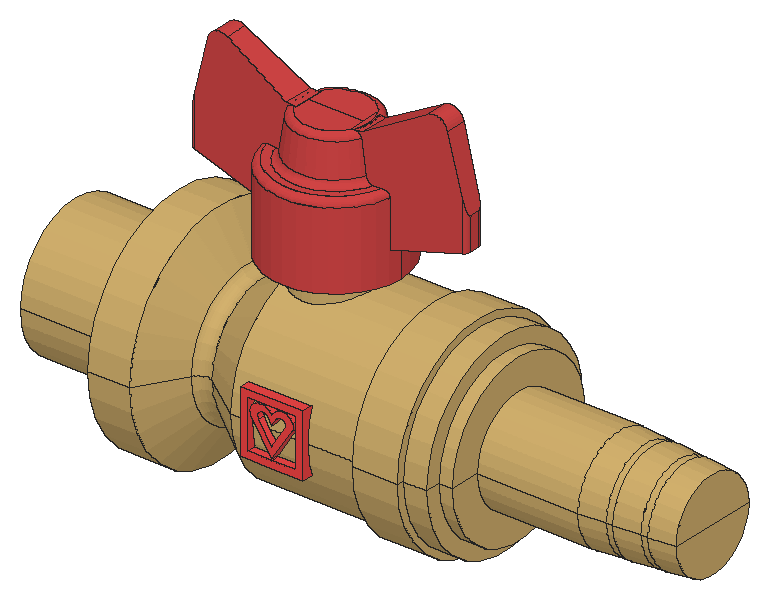
Revit family "KFE inkl. Schlauchtülle 2512", category Rohrzubehör, Revit 2021
Family settings
  Bemaßung runder Anschluss = Durchmesser verwenden
  Teiletyp = Normal
  OmniClass-Nummer = 23.65.55.14
  OmniClass-Titel = Valves for Liquid Services
  Arbeitsebenenbasiert = Nein
  Immer vertikal = Ja
  Beim Laden mit Abzugskörper schneiden = Nein
  Gemeinsam genutzt = Nein
Parameters
  min.Betriebstemperatur = -30 °C  # constant formula
  max.Betriebstemperatur = 110 °C  # constant formula
  max.Betriebsdruck = 1000000.0 Pa  # constant formula
  W1 = 60.00°  # constant formula
  Vorgabe-Ansicht = 0.000 mm
  URL = "www.herz-armaturen.at"
  Spindel = "Messing CW614N"  # constant formula
  SCTWSEQ = "ENT;AO;1"
  SCTWCODE = "01;10;01"  # constant formula
  SCRNSEQ = "ARM;ARM_TYP=\"ABSV\";1"
  SCRNCODE = "05;08;01"  # constant formula
  S04 = 6.500 mm  # constant formula
  S03 [instance] = (L06 / 2) + L07 + L08 + L09 + L100  # 36.750 mm
  S02 [instance] = L05 + (L06 / 2)  # 17.650 mm
  S01 [instance] = L00 - (L08 + L09 + L100)  # 62.000 mm
  R99 = 2.000 mm  # constant formula
  R01 [instance] = if(Nennweite = 15.000 mm, 5.500 mm, if(Nennweite = 20.000 mm, 6.000 mm, 1.000 mm))  # 6.000 mm
  Nennweite [instance] = 20.000 mm
  LO1 = 2.500 mm  # constant formula
  L12 = 3.800 mm  # constant formula
  L11 = 8.600 mm  # constant formula
  L100 = 14.600 mm  # constant formula
  L10 = 1.000 mm  # constant formula
  L09 = 13.400 mm  # constant formula
  L08 = 2.000 mm  # constant formula
  L07 = 3.500 mm  # constant formula
  L06 = 6.500 mm  # constant formula
  L05 [instance] = if(Nennweite = 15.000 mm, 11.000 mm, if(Nennweite = 20.000 mm, 14.400 mm, 1.000 mm))  # 14.400 mm
  L04 = 4.000 mm  # constant formula
  L03 [instance] = if(Nennweite = 15.000 mm, 4.000 mm, if(Nennweite = 20.000 mm, 6.000 mm, 1.000 mm))  # 6.000 mm
  L02 [instance] = if(Nennweite = 15.000 mm, 12.000 mm, if(Nennweite = 20.000 mm, 15.000 mm, 1.000 mm))  # 15.000 mm
  L01 [instance] = if(Nennweite = 15.000 mm, 32.000 mm, if(Nennweite = 20.000 mm, 37.600 mm, 1.000 mm))  # 37.600 mm
  L00 [instance] = if(Nennweite = 15.000 mm, 83.000 mm, if(Nennweite = 20.000 mm, 92.000 mm, 1.000 mm))  # 92.000 mm
  Kugel = "geschmiedetes CW617N, volle Bohrung, Oberfläche verchromt"  # constant formula
  Knebel = "Aluminium rot beschichtet"  # constant formula
  Hersteller = "Herz-Armaturen GmbH"  # constant formula
  H01 [instance] = if(Nennweite = 15.000 mm, 17.000 mm, if(Nennweite = 20.000 mm, 21.000 mm, 1.000 mm))  # 21.000 mm
  H00 [instance] = if(Nennweite = 15.000 mm, 37.000 mm, if(Nennweite = 20.000 mm, 40.000 mm, 1.000 mm))  # 40.000 mm
  Gehäuse = "geschmiedetes Messing CW617N"  # constant formula
  G01 [instance] = Nennweite / 2  # 10.000 mm
  Dichtungen = "Kugel: PTFE, Spindel: PTFE"  # constant formula
  D07 = 6.500 mm  # constant formula
  D06 = 7.500 mm  # constant formula
  D05 = 11.900 mm  # constant formula
  D04 = 14.000 mm  # constant formula
  D03 = 15.000 mm  # constant formula
  D02 [instance] = if(Nennweite = 15.000 mm, 11.700 mm, if(Nennweite = 20.000 mm, 13.900 mm, 1.000 mm))  # 13.900 mm
  D01 [instance] = if(Nennweite = 15.000 mm, 13.400 mm, if(Nennweite = 20.000 mm, 16.500 mm, 1.000 mm))  # 16.500 mm
  Betriebsdaten = "Heizungswasser nach ÖNORM H5195 oder VDI- Richtlinie 2035.\r\nDie Verwendung von Ethylen-, oder Propyleneglykol in einem Mischungsverhältnis 25- 50% ist zulässig."
  Bestellnummer [instance] = if(Nennweite = 15.000 mm, 1251201, if(Nennweite = 20.000 mm, 1251202, 0))  # 1251202
  Anwendungsgebiet = "Die Entleerungshähne werden als Füll- und Entleerungshähne verwendet. Anwendungsgebiete sind in haustechnischen Anlagen, wie z.B. in Heizungs- oder Kaltwasseranlagen für die Klimatisierung von Gebäuden. Aromatische Chlorkohlenwasserstoffe wie in Erdgas oder Erdölen vorkommend, zerstören die EPDM- Dichtungen"
Reference planes
  plane 1 "Mitte (Vorne/hinten)": y = 0
  plane 2: z = 0
  plane 3 "Mitte (Links/rechts)": x = 0
Forms (mm)
  Revolve 1, solid, material "Messing", detail levels fine
    sketch origin (0, 0, 0) x (1, 0, 0) y (0, 1, 0)
      loop
        line (54.4, 0) -> (54.4, 6.5) -> (50.6, 6.832) -> (49.6, 6.832) -> (45.8, 7.165) -> (44.8, 7.168) -> (41, 7.5) -> (26.4, 7.5) -> (26.4, 11.9) -> (24.4, 11.9) -> (24.4, 14) -> (20.9, 14) -> (20.9, 15) -> (14.4, 15) -> (14.4, 13.9) -> (-4, 13.9) -> (-10.533, 9.187)
        arc (-10.533, 9.187) -> (-11.878, 9.216) -> (-12.9, 10.091) r 2
        line (-12.9, 10.091) -> (-16.6, 16.5) -> (-22.6, 16.5) -> (-22.6, 10) -> (-37.6, 10) -> (-37.6, 0) -> (54.4, 0)
      axis (54.4, 0) -> (-37.6, 0)
    angle from 0 to 360
  Revolve 2, solid, material "Messing", detail levels fine
    sketch origin (0, 0, 0) x (1, 0, 0) y (0, 0, 1)
      loop
        line (0, 0) -> (0, 21) -> (-6, 21) -> (-6, 0) -> (0, 0)
      axis (0, 21) -> (0, 0)
    angle from 0 to 360
Lines and regions (mm)
  model lines, detail levels coarse+medium
    curve 1: line (-37.6, 0, 0) -> (24.4, 0, 0)
    curve 2: line (17.65, 0, 15) -> (17.65, 0, -15)
    curve 3: line (24.4, 0, 0) -> (54.4, 0, -6.5)
    curve 4: line (17.65, 15, 0) -> (17.65, -15, 0)
    curve 5: line (24.4, 0, 0) -> (54.4, -6.5, 0)
Dimensions and locks
  "L00": Revolve 1 sketch curve to Revolve 1 sketch curve
  "L01": Revolve 1 sketch curve to plane 3 "Mitte (Links/rechts)"
  "L02": Revolve 1 sketch curve to Revolve 1 sketch curve
  "L03": Revolve 1 sketch curve to Revolve 1 sketch curve
  "L04": Revolve 1 sketch curve to plane 3 "Mitte (Links/rechts)"
  "L05": plane 3 "Mitte (Links/rechts)" to Revolve 1 sketch curve
  "L06": Revolve 1 sketch curve to Revolve 1 sketch curve
  "L07": Revolve 1 sketch curve to Revolve 1 sketch curve
  "L08": Revolve 1 sketch curve to Revolve 1 sketch curve
  "L12": Revolve 1 sketch curve to Revolve 1 sketch curve
  "L10": Revolve 1 sketch curve to Revolve 1 sketch curve  (x2)
  "L11": Revolve 1 sketch curve to Revolve 1 sketch curve
  "L09": Revolve 1 sketch curve to Revolve 1 sketch curve
  "L100": Revolve 1 sketch curve to Revolve 1 sketch curve
  "H01": Revolve 2 sketch curve to plane 2
  "R01": plane 3 "Mitte (Links/rechts)" to Revolve 2 sketch curve
  "H00": nested 1 to plane 2
  "S01": curve 1 to curve 1
  "L01": plane 3 "Mitte (Links/rechts)" to curve 1
  "S02": plane 3 "Mitte (Links/rechts)" to curve 2
  "S03": curve 2 to curve 3
  "S04": plane 2 to curve 3
  "S02": plane 3 "Mitte (Links/rechts)" to curve 4
  "S03": curve 4 to curve 5
  "S04": curve 5 to plane 1 "Mitte (Vorne/hinten)"
  "G01": plane 1 "Mitte (Vorne/hinten)" to Revolve 1 sketch curve
  "D01": plane 1 "Mitte (Vorne/hinten)" to Revolve 1 sketch curve
  "D02": Revolve 1 sketch curve to plane 1 "Mitte (Vorne/hinten)"
  "D03": plane 1 "Mitte (Vorne/hinten)" to Revolve 1 sketch curve
  "D04": plane 1 "Mitte (Vorne/hinten)" to Revolve 1 sketch curve
  "D05": plane 1 "Mitte (Vorne/hinten)" to Revolve 1 sketch curve
  "D06": plane 1 "Mitte (Vorne/hinten)" to Revolve 1 sketch curve
  "D07": plane 1 "Mitte (Vorne/hinten)" to Revolve 1 sketch curve
  "D02": nested 2 to plane 1 "Mitte (Vorne/hinten)"
  "LO1": plane 3 "Mitte (Links/rechts)" to nested 2
  "R99": radius of Revolve 1 sketch curve
  angle Revolve 1 sketch curve to Revolve 1 sketch curve = 95.00°  (x3)
  "W1": angle Revolve 1 sketch curve to Revolve 1 sketch curve
  aligned and locked: level to plane 2
Automatic sketch dimensions
  Revolve 2 sketch curve to level = 0.000 mm
  Revolve 2 sketch curve to plane 3 "Mitte (Links/rechts)" = 0.000 mm  (x2)
  Revolve 2 sketch curve to level = 366.045 mm
  Revolve 2 sketch curve to Revolve 2 sketch curve = 2197.315 mm
  curve 1 to level = 0.000 mm
  curve 2 to level = 15.000 mm
  level to curve 2 = 15.000 mm
  plane 1 "Mitte (Vorne/hinten)" to curve 5 = 0.000 mm
  curve 4 to curve 5 = 6.750 mm
  plane 1 "Mitte (Vorne/hinten)" to curve 4 = 15.000 mm
  curve 4 to plane 1 "Mitte (Vorne/hinten)" = 15.000 mm
  Revolve 1 sketch curve to plane 1 "Mitte (Vorne/hinten)" = 0.000 mm
  plane 1 "Mitte (Vorne/hinten)" to Revolve 1 sketch curve = 0.000 mm
  Revolve 1 sketch curve to plane 1 "Mitte (Vorne/hinten)" = 10.091 mm
  Revolve 1 sketch curve to Revolve 1 sketch curve = 1.736 mm
  Revolve 1 sketch curve to plane 1 "Mitte (Vorne/hinten)" = 9.187 mm
  Revolve 1 sketch curve to Revolve 1 sketch curve = 1968.000 mm
  Revolve 1 sketch curve to Revolve 1 sketch curve = 1949.000 mm
Nested families
  nested 1: "Flügelgriff rot" at (0, 0, 16.1), type "Flügelgriff rot", detail levels fine
  nested 2: "Herz-Logo-vorne" at (2.5, -13.9, 0) x (0, 1, 0) z (0, 0, 1), type "Herz-Logo-vorne"
Connectors
  piping at (-37.6, 0, 0), diameter 20, driven by "Nennweite"
    settings: on Revolve 1, index 1, connector inside diameter 609.6 mm, connector length 0.000 mm, flow factor 0, pipe flow 0.0 L/s, pressure drop 0.0 Pa, fitting loss kfactor 0, connector angle 0.00°, fixture units 0, engagement length 0.000 mm, angle of deflection 0.00°, flow configuration 0, flow direction 0, fitting loss method 0, system type 29, joint type 0, gender type 0, connector reference index -1, connector utility 0, adjustable connector no, is connector primary yes, connector description ""
Definition of nested family "Flügelgriff rot"
  Parameters (values of type "Flügelgriff rot")
    Default Elevation = 0.000 mm
  Reference planes
    plane 1 "Mitte (Vorne/hinten)": y = 0
    plane 2: z = 0
    plane 3 "Mitte (Links/rechts)": x = 0
  Forms (mm)
    Revolve 1, solid, detail levels fine
      sketch origin (0, 0, 0) x (1, 0, 0) y (0, 0, 1)
        loop
          line (0, 0) -> (0, 18.5) -> (-4.81, 18.5)
          arc (-4.81, 18.5) -> (-5.477, 18.248) -> (-5.81, 17.616) r 1.009
          line (-5.81, 17.616) -> (-6.39, 12.983)
          arc (-6.39, 12.983) -> (-6.723, 12.352) -> (-7.39, 12.1) r 1.008
          line (-7.39, 12.1) -> (-8.543, 12.1)
          arc (-8.543, 12.1) -> (-9.22, 11.82) -> (-9.5, 11.143) r 0.957
          line (-9.5, 11.143) -> (-9.5, 0) -> (0, 0)
        axis (0, 18.5) -> (0, 0)
      angle from 0 to 360
    Extrusion 2, solid, detail levels fine
      sketch origin (0, 0, 0) x (1, 0, 0) y (0, 1, 0)
        loop
          arc (-20, -0.627) -> (-19.829, -1.058) -> (-19.409, -1.256) r 0.63
          line (-19.409, -1.256) -> (-4, -2.231) -> (-4, 2.225) -> (-19.471, 1.312)
          arc (-19.471, 1.312) -> (-19.847, 1.137) -> (-20, 0.752) r 0.562
          line (-20, 0.752) -> (-20, -0.627)
        loop
          line (20, -0.627) -> (20, 0.752)
          arc (20, 0.752) -> (19.847, 1.137) -> (19.471, 1.312) r 0.562
          line (19.471, 1.312) -> (4.042, 2.223) -> (4.042, -2.228) -> (19.409, -1.256)
          arc (19.409, -1.256) -> (19.829, -1.058) -> (20, -0.627) r 0.63
      from 4.6 to 23.9
    Extrusion 3, void
      sketch origin (0, 0, 0) x (1, 0, 0) y (0, 0, 1)
        loop
          line (-9.5, 4.6) -> (-20, 7.413) -> (-20, 4.6) -> (-9.5, 4.6)
        loop
          line (9.5, 4.6) -> (20, 4.6) -> (20, 7.413) -> (9.5, 4.6)
      from 5 to -5
    Extrusion 4, void
      sketch origin (0, 0, 0) x (1, 0, 0) y (0, 0, 1)
        loop
          line (-5.5, 18.5) -> (5.5, 18.5) -> (14.401, 23.633)
          arc (14.401, 23.633) -> (16.174, 23.744) -> (17.336, 22.401) r 2
          line (17.336, 22.401) -> (20, 12.113) -> (20, 25.076) -> (-20, 25.076) -> (-20, 12.113) -> (-17.336, 22.401)
          arc (-17.336, 22.401) -> (-16.174, 23.744) -> (-14.401, 23.633) r 2
          line (-14.401, 23.633) -> (-5.5, 18.5)
      from 5 to -5
  Cuts and joins
    Extrusion 3, Extrusion 4 cuts Extrusion 2
    Extrusion 4 cuts Revolve 1
  Dimensions and locks
    aligned and locked: level to plane 2
Definition of nested family "Herz-Logo-vorne"
  Parameters (values of type "Herz-Logo-vorne")
    Default Elevation = 0.000 mm
  Reference planes
    plane 1 "Mitte (Vorne/hinten)": y = 0
    plane 2: z = 0
    plane 3 "Mitte (Links/rechts)": x = 0
  Forms (mm)
    Extrusion 1, solid
      sketch origin (0.732, -0.018, 0.017) x (0, -1, 0) y (0, 0, 1)
        loop
          line (-0.018, -4.517) -> (4.482, -4.517) -> (4.482, 4.483) -> (-4.518, 4.483) -> (-4.518, -4.517) -> (-0.018, -4.517)
        loop
          line (-0.05, -3.48) -> (3.482, -3.48) -> (3.482, 3.483) -> (-3.518, 3.483) -> (-3.518, -3.48) -> (-0.05, -3.48)
        loop
          arc (-0.018, 2.383) -> (-1.543, 3.287) -> (-3.067, 2.383) r 1.738
          arc (-3.067, 2.383) -> (-3.191, 1.899) -> (-3.067, 1.415) r 1.009
          line (-3.067, 1.415) -> (-0.018, -3.281) -> (3.032, 1.415)
          arc (3.032, 1.415) -> (3.156, 1.899) -> (3.032, 2.383) r 1.009
          arc (3.032, 2.383) -> (1.507, 3.287) -> (-0.018, 2.383) r 1.738
        loop
          arc (1.885, 1.272) -> (2.005, 1.675) -> (1.885, 2.079) r 0.74
          arc (1.885, 2.079) -> (1.265, 2.416) -> (0.644, 2.079) r 0.74
          line (0.644, 2.079) -> (-0.018, 0.97) -> (-0.679, 2.079)
          arc (-0.679, 2.079) -> (-1.3, 2.416) -> (-1.921, 2.079) r 0.74
          arc (-1.921, 2.079) -> (-2.04, 1.675) -> (-1.921, 1.272) r 0.74
          line (-1.921, 1.272) -> (-0.018, -1.658) -> (1.885, 1.272)
      from 0 to 1.5
  Dimensions and locks
    aligned and locked: level to plane 2
